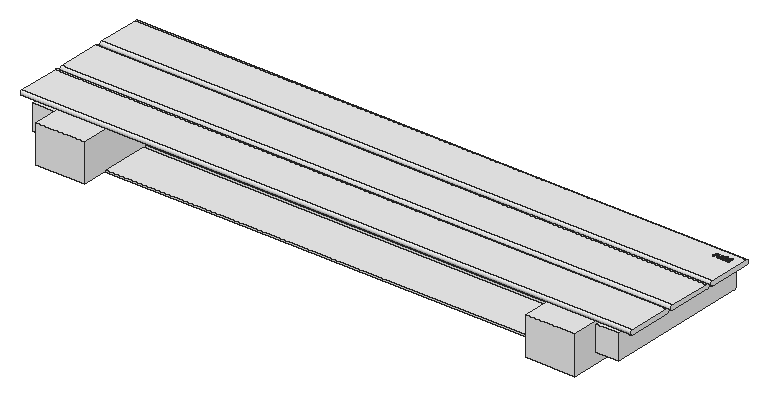
Revit family "Runtal-EB3-120D-120-Volts-36", category Mechanical Equipment, host Face, Revit 2026 (continued)
Definition of nested family "EB3_Plan_medium"
  Lines and regions (mm)
    detail lines, in view "Ref. Level", detail levels medium+fine
      curve 28: line (-590.55, -16.426, 0) -> (-555.625, -16.426, 0)
      curve 29: line (-590.55, -53.975, 0) -> (-590.55, -16.426, 0)
      curve 30: line (-555.625, -53.975, 0) -> (-590.55, -53.975, 0)
      curve 31: line (-555.625, -16.426, 0) -> (-555.625, -53.975, 0)
      curve 32: line (-590.55, -53.975, 0) -> (-555.625, -53.975, 0)
      curve 33: line (-590.55, -57.15, 0) -> (-590.55, -53.975, 0)
      curve 34: line (-555.625, -57.15, 0) -> (-590.55, -57.15, 0)
      curve 35: line (-555.625, -53.975, 0) -> (-555.625, -57.15, 0)
      curve 36: line (-609.6, -57.15, 0) -> (609.6, -57.15, 0)
      curve 37: line (-609.6, -63.5, 0) -> (-609.6, -57.15, 0)
      curve 39: line (609.6, -57.15, 0) -> (609.6, -63.5, 0)
      curve 40: line (555.625, -16.426, 0) -> (590.55, -16.426, 0)
      curve 41: line (555.625, -53.975, 0) -> (555.625, -16.426, 0)
      curve 42: line (590.55, -53.975, 0) -> (555.625, -53.975, 0)
      curve 43: line (590.55, -16.426, 0) -> (590.55, -53.975, 0)
      curve 44: line (555.625, -53.975, 0) -> (590.55, -53.975, 0)
      curve 45: line (555.625, -57.15, 0) -> (555.625, -53.975, 0)
      curve 46: line (590.55, -57.15, 0) -> (555.625, -57.15, 0)
      curve 47: line (590.55, -53.975, 0) -> (590.55, -57.15, 0)
      curve 48: line (482.6, -2.951, 0) -> (-482.6, -2.951, 0)
      curve 49: line (482.6, 0, 0) -> (482.6, -2.951, 0)
      curve 50: line (-555.625, 0, 0) -> (555.625, 0, 0)
      curve 51: line (-482.6, -2.951, 0) -> (-482.6, 0, 0)
      curve 52: line (-555.528, -21.488, 0) -> (-555.528, -52.23, 0)
      curve 53: line (555.625, -16.426, 0) -> (-555.625, -16.426, 0)
      curve 54: line (555.625, -52.07, 0) -> (555.625, -21.506, 0)
      curve 55: line (482.6, 0, 0) -> (555.625, 0, 0)
      curve 56: line (482.6, -16.426, 0) -> (482.6, 0, 0)
      curve 57: line (550.545, -16.426, 0) -> (482.6, -16.426, 0)
      curve 58: line (555.625, 0, 0) -> (555.625, -16.426, 0)
      curve 59: line (-482.6, -16.461, 0) -> (-550.501, -16.461, 0)
      curve 60: line (-482.6, 0, 0) -> (-482.6, -16.461, 0)
      curve 61: line (-555.625, 0, 0) -> (-482.6, 0, 0)
      curve 62: line (-555.625, -16.426, 0) -> (-555.625, 0, 0)
      curve 63: arc (-550.501, -16.461, 0) -> (-554.056, -17.934, 0) -> (-555.528, -21.488, 0) r 5.027
      curve 64: arc (-555.528, -52.23, 0) -> (-553.986, -55.718, 0) -> (-550.451, -57.15, 0) r 5.08
      curve 65: arc (555.625, -21.506, 0) -> (554.137, -17.914, 0) -> (550.545, -16.426, 0) r 5.08
      curve 66: arc (550.545, -57.15, 0) -> (554.137, -55.662, 0) -> (555.625, -52.07, 0) r 5.08
    detail lines, in view "Ref. Level", not visible
      curve 13: line (-403.225, 0, 0) -> (-403.225, -16.426, 0)
      curve 14: line (-403.225, -16.426, 0) -> (-438.15, -16.426, 0)
      curve 15: line (-438.15, -16.426, 0) -> (-438.15, -57.15, 0)
      curve 16: line (-457.2, -57.15, 0) -> (-457.2, -63.5, 0)
      curve 17: line (-438.15, -57.15, 0) -> (-457.2, -57.15, 0)
    detail lines, in view "Ref. Level", not visible, detail levels medium+fine
      curve 18: line (-403.225, 0, 0) -> (-403.225, -16.426, 0)
      curve 19: line (-403.225, -16.426, 0) -> (-438.15, -16.426, 0)
      curve 20: line (-438.15, -16.426, 0) -> (-438.15, -57.15, 0)
      curve 21: line (-457.2, -57.15, 0) -> (-457.2, -63.5, 0)
      curve 22: line (-438.15, -57.15, 0) -> (-457.2, -57.15, 0)
      curve 23: line (403.225, 0, 0) -> (403.225, -16.426, 0)
      curve 24: line (403.225, -16.426, 0) -> (438.15, -16.426, 0)
      curve 25: line (438.15, -16.426, 0) -> (438.15, -57.15, 0)
      curve 26: line (457.2, -57.15, 0) -> (457.2, -63.5, 0)
      curve 27: line (438.15, -57.15, 0) -> (457.2, -57.15, 0)
      curve 67: line (-403.991, -546.698, 0) -> (-369.066, -546.698, 0)
      curve 68: line (-403.991, -584.246, 0) -> (-403.991, -546.698, 0)
      curve 69: line (-369.066, -584.246, 0) -> (-403.991, -584.246, 0)
      curve 70: line (-369.066, -546.698, 0) -> (-369.066, -584.246, 0)
      curve 71: line (-403.991, -584.246, 0) -> (-369.066, -584.246, 0)
      curve 72: line (-403.991, -587.421, 0) -> (-403.991, -584.246, 0)
      curve 73: line (-369.066, -587.421, 0) -> (-403.991, -587.421, 0)
      curve 74: line (-369.066, -584.246, 0) -> (-369.066, -587.421, 0)
      curve 75: line (-423.041, -593.771, 0) -> (-423.041, -587.421, 0)
      curve 76: line (-296.041, -533.223, 0) -> (-296.041, -530.271, 0)
      curve 77: line (-368.969, -551.76, 0) -> (-368.969, -582.502, 0)
      curve 78: line (-296.041, -546.733, 0) -> (-363.942, -546.733, 0)
      curve 79: line (-296.041, -530.271, 0) -> (-296.041, -546.733, 0)
      curve 80: line (-369.066, -530.271, 0) -> (-296.041, -530.271, 0)
      curve 81: line (-369.066, -546.698, 0) -> (-369.066, -530.271, 0)
      curve 82: arc (-363.942, -546.733, 0) -> (-367.497, -548.205, 0) -> (-368.969, -551.76, 0) r 5.027
      curve 83: arc (-368.969, -582.502, 0) -> (-367.427, -585.99, 0) -> (-363.892, -587.421, 0) r 5.08
      curve 84: line (491.359, -587.421, 0) -> (491.359, -593.771, 0)
      curve 85: line (437.384, -546.698, 0) -> (472.309, -546.698, 0)
      curve 86: line (437.384, -584.246, 0) -> (437.384, -546.698, 0)
      curve 87: line (472.309, -584.246, 0) -> (437.384, -584.246, 0)
      curve 88: line (472.309, -546.698, 0) -> (472.309, -584.246, 0)
      curve 89: line (437.384, -584.246, 0) -> (472.309, -584.246, 0)
      curve 90: line (437.384, -587.421, 0) -> (437.384, -584.246, 0)
      curve 91: line (472.309, -587.421, 0) -> (437.384, -587.421, 0)
      curve 92: line (472.309, -584.246, 0) -> (472.309, -587.421, 0)
      curve 93: line (364.359, -530.271, 0) -> (364.359, -533.223, 0)
      curve 94: line (437.384, -582.341, 0) -> (437.384, -551.778, 0)
      curve 95: line (364.359, -530.271, 0) -> (437.384, -530.271, 0)
      curve 96: line (364.359, -546.698, 0) -> (364.359, -530.271, 0)
      curve 97: line (432.304, -546.698, 0) -> (364.359, -546.698, 0)
      curve 98: line (437.384, -530.271, 0) -> (437.384, -546.698, 0)
      curve 99: arc (437.384, -551.778, 0) -> (435.896, -548.185, 0) -> (432.304, -546.698, 0) r 5.08
      curve 100: arc (432.304, -587.421, 0) -> (435.896, -585.934, 0) -> (437.384, -582.341, 0) r 5.08
    detail lines, in view "Ref. Level", detail levels medium
      curve 38: line (609.6, -63.5, 0) -> (-609.6, -63.5, 0)
  Dimensions and locks
    equal spacing: plane 4, plane 3 "Center (Left/Right)", plane 5
    "width": plane 4 to plane 5
    locked: plane 4 to plane 6 at 53.975
    locked: plane 7 to plane 5 at 53.975
    locked: plane 6 to plane 8 at 73.025
    locked: plane 9 to plane 7 at 73.025
    aligned and locked: plane 4 to curve 4
    aligned and locked: plane 6 to curve 1
    aligned and locked: plane 5 to curve 11
    aligned and locked: plane 7 to curve 8
    aligned and locked: plane 6 to curve 5
    aligned and locked: plane 4 to curve 7
    aligned and locked: plane 5 to curve 7
    aligned and locked: curve 5 to curve 8
    aligned and locked: Masking region 1 sketch curve to curve 7
    aligned and locked: Masking region 1 sketch curve to curve 5
    aligned and locked: Masking region 1 sketch curve to curve 1
    aligned and locked: Masking region 1 sketch curve to curve 2
    aligned and locked: Masking region 1 sketch curve to curve 3
    aligned and locked: Masking region 1 sketch curve to curve 6
    aligned and locked: Masking region 1 sketch curve to curve 4
    aligned and locked: curve 8 to Masking region 1 sketch curve
    aligned and locked: Masking region 1 sketch curve to curve 9
    aligned and locked: Masking region 1 sketch curve to curve 11
    aligned and locked: plane 4 to curve 36
    aligned and locked: plane 4 to curve 38
    aligned and locked: plane 6 to curve 50
    aligned and locked: plane 6 to curve 53
    aligned and locked: curve 60 to plane 8
    aligned and locked: plane 8 to curve 51
    aligned and locked: curve 51 to plane 8
    aligned and locked: plane 5 to curve 39
    aligned and locked: plane 5 to curve 36
    aligned and locked: plane 5 to curve 38
    aligned and locked: plane 7 to curve 50
    aligned and locked: curve 56 to plane 9
    aligned and locked: curve 48 to plane 9
    aligned and locked: plane 7 to curve 53
  Automatic sketch dimensions
    plane 1 "Center (Front/Back)" to curve 7 = 63.500 mm
    plane 1 "Center (Front/Back)" to curve 5 = 0.000 mm
    Masking region 1 sketch curve to Masking region 1 sketch curve = 19.050 mm
    Masking region 1 sketch curve to Masking region 1 sketch curve = 6.350 mm
    plane 1 "Center (Front/Back)" to curve 36 = 57.150 mm
    plane 1 "Center (Front/Back)" to curve 38 = 63.500 mm
    plane 1 "Center (Front/Back)" to curve 50 = 0.000 mm
    plane 1 "Center (Front/Back)" to curve 53 = 16.426 mm
    curve 48 to plane 6 = 73.025 mm
    plane 1 "Center (Front/Back)" to curve 48 = 2.951 mm
